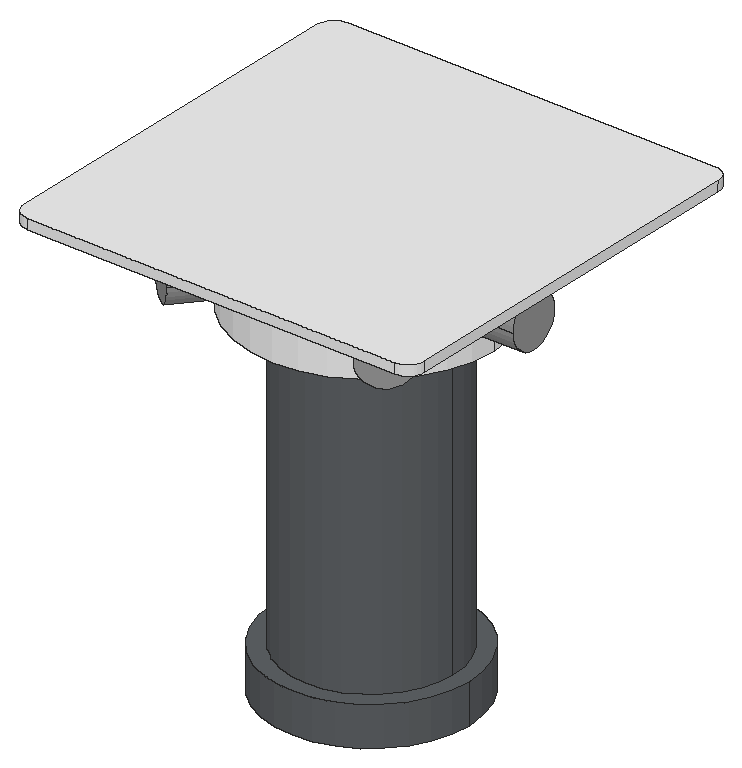
Revit family "KEUCO_59553000070_", category Generic Models, Revit 2016
Family settings
  Part Type = Normal
  Can host rebar = No
  Round Connector Dimension = Use Diameter
  Work Plane-Based = Yes
  Always vertical = No
  Cut with Voids When Loaded = No
  Shared = No
  Room Calculation Point = No
Parameters (values of type "59553000070")
  Verwendung = "DU / WA / ZU"  # constant formula
  Preisgruppe = ""
  Kategorie = "ARM\r\nARM\r\nARM"
  Gewicht = 0
  Breite = 45 mm
  URL = "https://www.keuco.com/de/produkte/sortiment/artikel/?pid=59553&oid=8&pgo=9&country=de&lang=de&vid=59553000070"
  Materialien bei Hersteller anfragen = "Anfrage zu:  objektmanagement@keuco.de"
  Description = "Grundkörper für Wandeinbau,\r\nEinbautiefe 80 - 110 mm"
  Default Elevation = 1219.2 mm
  Serie = "Plan"  # constant formula
  Material = Stahl, verchromt
  Manufacturer = "KEUCO"  # constant formula
  Assembly Code = ""
  Ausschreibungstext = "KEUCO IXMO UP Funktionseinheit für \r\nThermostatarmatur DN15, 59553000070\r\nschallentkoppelter Grundkörper \r\naus entzinkungsarmen Messing für den Wandeinbau, \r\nfrei positionierbar, Einbautiefe von 80 mm – 110 mm, \r\nGrundplatte mit Einstellschrauben zur optimalen Ausrichtung, \r\nAnschlüsse G 1/2 Zoll mit farblicher Kennzeichnung,\r\nHinweis: passend zu Artikel-Nr. \r\n59553010001\r\n59553010002"
  Artikelnummer = "59553000070"
Reference planes
  plane 1 "Center (Front/Back)": y = 0
  plane 2: z = 0
  plane 3 "Center (Left/Right)": x = 0
Forms (mm)
  Extrusion 1, solid, material "Stahl, verchromt" <- "Material"
    sketch origin (0, 16.5, -23) x (1, 0, 0) y (0, 1, 0)
      loop
        circle (0.019, -16.484) r 37.5
    from -7 to 20
  Extrusion 2, solid, material "Stahl, verchromt" <- "Material"
    sketch origin (0, 16.5, 0) x (0, 1, 0) y (-1, 0, 0)
      loop
        arc (44.5, 56) -> (43.036, 59.536) -> (39.5, 61) r 5
        line (39.5, 61) -> (-72.5, 61)
        arc (-72.5, 61) -> (-76.036, 59.536) -> (-77.5, 56) r 5
        line (-77.5, 56) -> (-77.5, -56)
        arc (-77.5, -56) -> (-76.036, -59.536) -> (-72.5, -61) r 5
        line (-72.5, -61) -> (39.5, -61)
        arc (39.5, -61) -> (43.036, -59.536) -> (44.5, -56) r 5
        line (44.5, -56) -> (44.5, 56)
    from 0 to -3
  Extrusion 3, solid, material "Schwarzgrau"
    sketch origin (0, 16.5, -145) x (0, 1, 0) y (-1, 0, 0)
      loop
        circle (-16.5, 0) r 25
    from 21.987 to 115
  Extrusion 4, solid, material "Aluminum, Anodized Red"
    sketch origin (-1.721, 0.475, -32.959) x (0.756817, -0.653627, 0) y (0, 0, 1)
      loop
        circle (0, 15.638) r 7.801
    from 35.359 to 50.002
  Extrusion 5, solid, material "Brass, Soft Yellow, Welded"
    sketch origin (10.617, -0.559, -32.959) x (0, 1, 0) y (0, 0, 1)
      loop
        circle (0, 15.638) r 7.801
    from 25.751 to 39.383
  Extrusion 6, solid, material "Schwarzgrau"
    sketch origin (0, 16.5, -170) x (0, 1, 0) y (-1, 0, 0)
      loop
        circle (-16.5, 0) r 30
    from 46.987 to 35
  Extrusion 7, solid, material "Brass, Soft Yellow, Welded"
    sketch origin (-10.617, -0.559, -32.959) x (0, 1, 0) y (0, 0, -1)
      loop
        circle (0, -15.638) r 7.801
    from 25.751 to 39.383
  Extrusion 8, solid, material "Aluminum, Anodized Silver"
    sketch origin (1.721, 0.475, -32.959) x (-0.756817, -0.653627, 0) y (0, 0, -1)
      loop
        circle (0, -15.638) r 7.801
    from 35.359 to 50.002
Dimensions and locks
  Extrusion 1 to Extrusion 1 = 27 mm
  aligned and locked: level to plane 2
